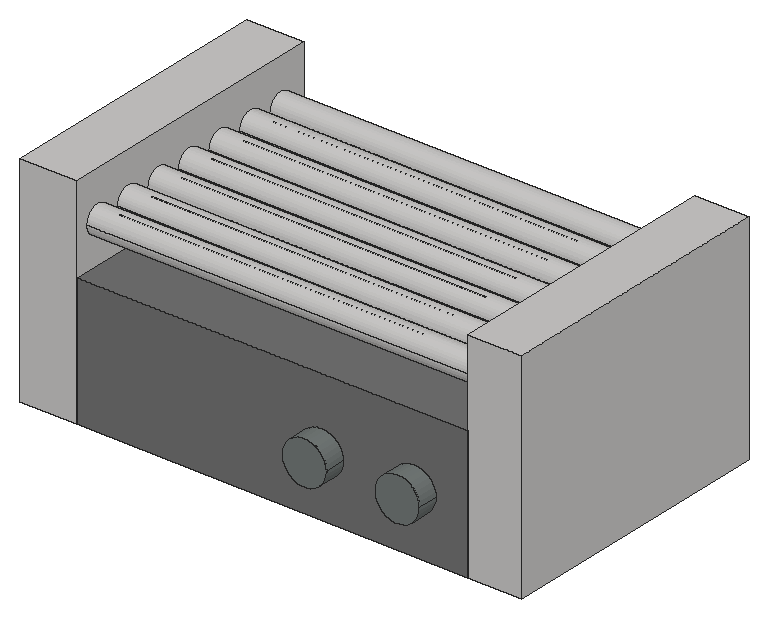
Revit family "QF_Vollrath_40821", category Specialty Equipment, Revit 2016
Family settings
  Part Type = Normal
  Round Connector Dimension = Use Diameter
  OmniClass Number = 23.40.40.14.17.21
  OmniClass Title = Grills
  Work Plane-Based = No
  Always vertical = Yes
  Cut with Voids When Loaded = No
  Shared = No
  Room Calculation Point = No
Parameters (values of type "HDR5007")
  Width = 15.80078"
  Weight in Pounds = 33
  Watts = 9500 W
  Watermarked By = "http://revitwatermark.com"
  Volts = 110 V
  URL Cutsheet = ""
  URL = "www.vollrathco.com"
  Status [instance] = ""
  Specification by User [instance] = ""
  Specification by Manufacturer = ""
  Serial Number [instance] = ""
  Seismic Rating [instance] = ""
  SMACNA No [instance] = ""
  Revision Code [instance] = ""
  Phase = 1
  Number of Poles [instance] = 1
  NAFEM Spec ID Number [instance] = ""
  Model = "HDR5007"
  Masterspec = ""
  Manufacturer = "Vollrath"
  Item Number [instance] = ""
  Installed By [instance] = ""
  Height AFF [instance] = 26.00"
  Furnished By [instance] = ""
  Foodservice Equipment Identifier [instance] = no
  FL Amps = 12 A
  Electrical Remarks [instance] = ""
  Electric Connection Type [instance] = ""
  Elec Conn RI Height [instance] = 0.00"
  Elec Conn Connection Height = 2.00"
  Description = "7 Hot Dog Roller Grill"
  Cycle = 60 Hz
  Conn Plug = "NEMA 5-15P"
  CSI MasterFormat = "11 42 13"
  Assembly Code = "E1090320"
  Apparent Power = if(Phase = 3, Volts * FL Amps * 1.73, Volts * FL Amps)  # 1320 VA
Reference planes (in)
  plane 1: z = 0
  plane 2 "LEFT": x = 48
  plane 3 "BACK": y = -48
  plane 4 "BOTTOM": z = 26
  plane 5 "RIGHT": x = 71
  plane 6 "FRONT": y = -61
  plane 7: z = 26.5796
  plane 8 "TOP": z = 36
  plane 9: x = 50.59367
  plane 10: x = 68.54957
  plane 11: z = 32.0353
  plane 12: z = 28.25
Forms (in)
  Extrusion 1, solid, material "QF_Finishes_Stainless Steel", not visible
    sketch origin (0, -75.61667, 13.94238) x (-1, 0, 0) y (0, 0.422618, 0.906308)
      loop
        line (-61.50401, 16.83949) -> (-49.55058, 16.83949) -> (-49.55058, 21.54291) -> (-61.50401, 21.54291) -> (-61.50401, 16.83949)
      loop
        circle (-51.11798, 19.07879) r 1.25
      loop
        circle (-51.11798, 19.07879) r 1
      loop
        line (-54.03077, 21.06689) -> (-57.03077, 21.06689) -> (-57.03077, 20.31689) -> (-54.03077, 20.31689) -> (-54.03077, 21.06689)
      loop
        circle (-54.03077, 17.5068) r 0.25
      loop
        circle (-56.78077, 17.5068) r 0.25
    from 0 to 0.68909
  Extrusion 2, solid, material "QF_Finishes_Black", not visible
    sketch origin (0, -75.54289, 2.05167) x (-1, 0, 0) y (0, 0.422618, 0.906308)
      loop
        circle (-51.11798, 29.82425) r 1.25
      loop
        circle (-51.11798, 29.82425) r 1
    from -5.0921 to -4.40301
  Extrusion 3, solid, material "QF_Finishes_Black", not visible
    sketch origin (0, -75.78725, 14.03463) x (-1, 0, 0) y (0, 0.406737, 0.913545)
      loop
        line (-57.03077, 21.03676) -> (-57.03077, 20.35703) -> (-54.03077, 20.35703) -> (-54.03077, 21.03676) -> (-57.03077, 21.03676)
      loop
        circle (-54.03077, 17.5068) r 0.25
      loop
        circle (-56.78077, 17.5068) r 0.25
    from 0.54411 to 1.25
  Extrusion 4, solid, material "QF_Finishes_Dark Grey", not visible
    sketch origin (0, -70.09177, 5.66795) x (-1, 0, 0) y (0, 0.422618, 0.906308)
      loop
        circle (-52.11896, 26.29929) r 0.25
      loop
        circle (-53.36896, 26.29929) r 0.25
      loop
        circle (-54.61896, 26.29929) r 0.25
      loop
        circle (-55.86896, 26.29929) r 0.25
      loop
        circle (-57.11896, 26.29929) r 0.25
      loop
        circle (-58.36896, 26.29929) r 0.25
    from 7.45399 to 7.92109
  Extrusion 5, solid, material "QF_Finishes_Stainless Steel", not visible
    sketch origin (0, -61.5, 0) x (-1, 0, 0) y (0, 0, 1)
      loop
        circle (-49.14244, 32.63817) r 0.1236
    from 0 to 12
  Extrusion 6, solid, material "QF_Finishes_Stainless Steel", not visible
    sketch origin (24.25, -61.5, 0) x (-1, 0, 0) y (0, 0, 1)
      loop
        circle (-49.14244, 32.63817) r 0.1236
    from 0 to 12
  Extrusion 7, solid, material "QF_Finishes_Stainless Steel", not visible
    sketch origin (0.75781, -61.5, 0) x (-1, 0, 0) y (0, 0, 1)
      loop
        circle (-49.14244, 32.63817) r 0.1236
    from 0 to 12
  Extrusion 8, solid, material "QF_Finishes_Stainless Steel", not visible
    sketch origin (1.51562, -61.5, 0) x (-1, 0, 0) y (0, 0, 1)
      loop
        circle (-49.14244, 32.63817) r 0.1236
    from 0 to 12
  Extrusion 9, solid, material "QF_Finishes_Stainless Steel", not visible
    sketch origin (2.27344, -61.5, 0) x (-1, 0, 0) y (0, 0, 1)
      loop
        circle (-49.14244, 32.63817) r 0.1236
    from 0 to 12
  Extrusion 10, solid, material "QF_Finishes_Stainless Steel", not visible
    sketch origin (3.03125, -61.5, 0) x (-1, 0, 0) y (0, 0, 1)
      loop
        circle (-49.14244, 32.63817) r 0.1236
    from 0 to 12
  Extrusion 11, solid, material "QF_Finishes_Stainless Steel", not visible
    sketch origin (3.78906, -61.5, 0) x (-1, 0, 0) y (0, 0, 1)
      loop
        circle (-49.14244, 32.63817) r 0.1236
    from 0 to 12
  Extrusion 12, solid, material "QF_Finishes_Stainless Steel", not visible
    sketch origin (4.54687, -61.5, 0) x (-1, 0, 0) y (0, 0, 1)
      loop
        circle (-49.14244, 32.63817) r 0.1236
    from 0 to 12
  Extrusion 13, solid, material "QF_Finishes_Stainless Steel", not visible
    sketch origin (5.30469, -61.5, 0) x (-1, 0, 0) y (0, 0, 1)
      loop
        circle (-49.14244, 32.63817) r 0.1236
    from 0 to 12
  Extrusion 14, solid, material "QF_Finishes_Stainless Steel", not visible
    sketch origin (6.0625, -61.5, 0) x (-1, 0, 0) y (0, 0, 1)
      loop
        circle (-49.14244, 32.63817) r 0.1236
    from 0 to 12
  Extrusion 15, solid, material "QF_Finishes_Stainless Steel", not visible
    sketch origin (6.82031, -61.5, 0) x (-1, 0, 0) y (0, 0, 1)
      loop
        circle (-49.14244, 32.63817) r 0.1236
    from 0 to 12
  Extrusion 16, solid, material "QF_Finishes_Stainless Steel", not visible
    sketch origin (7.57812, -61.5, 0) x (-1, 0, 0) y (0, 0, 1)
      loop
        circle (-49.14244, 32.63817) r 0.1236
    from 0 to 12
  Extrusion 17, solid, material "QF_Finishes_Stainless Steel", not visible
    sketch origin (8.33594, -61.5, 0) x (-1, 0, 0) y (0, 0, 1)
      loop
        circle (-49.14244, 32.63817) r 0.1236
    from 0 to 12
  Extrusion 18, solid, material "QF_Finishes_Stainless Steel", not visible
    sketch origin (9.09375, -61.5, 0) x (-1, 0, 0) y (0, 0, 1)
      loop
        circle (-49.14244, 32.63817) r 0.1236
    from 0 to 12
  Extrusion 19, solid, material "QF_Finishes_Stainless Steel", not visible
    sketch origin (9.85156, -61.5, 0) x (-1, 0, 0) y (0, 0, 1)
      loop
        circle (-49.14244, 32.63817) r 0.1236
    from 0 to 12
  Extrusion 20, solid, material "QF_Finishes_Stainless Steel", not visible
    sketch origin (10.60937, -61.5, 0) x (-1, 0, 0) y (0, 0, 1)
      loop
        circle (-49.14244, 32.63817) r 0.1236
    from 0 to 12
  Extrusion 21, solid, material "QF_Finishes_Stainless Steel", not visible
    sketch origin (11.36719, -61.5, 0) x (-1, 0, 0) y (0, 0, 1)
      loop
        circle (-49.14244, 32.63817) r 0.1236
    from 0 to 12
  Extrusion 22, solid, material "QF_Finishes_Stainless Steel", not visible
    sketch origin (12.125, -61.5, 0) x (-1, 0, 0) y (0, 0, 1)
      loop
        circle (-49.14244, 32.63817) r 0.1236
    from 0 to 12
  Extrusion 23, solid, material "QF_Finishes_Stainless Steel", not visible
    sketch origin (12.88281, -61.5, 0) x (-1, 0, 0) y (0, 0, 1)
      loop
        circle (-49.14244, 32.63817) r 0.1236
    from 0 to 12
  Extrusion 24, solid, material "QF_Finishes_Stainless Steel", not visible
    sketch origin (13.64062, -61.5, 0) x (-1, 0, 0) y (0, 0, 1)
      loop
        circle (-49.14244, 32.63817) r 0.1236
    from 0 to 12
  Extrusion 25, solid, material "QF_Finishes_Stainless Steel", not visible
    sketch origin (14.39844, -61.5, 0) x (-1, 0, 0) y (0, 0, 1)
      loop
        circle (-49.14244, 32.63817) r 0.1236
    from 0 to 12
  Extrusion 26, solid, material "QF_Finishes_Stainless Steel", not visible
    sketch origin (15.15625, -61.5, 0) x (-1, 0, 0) y (0, 0, 1)
      loop
        circle (-49.14244, 32.63817) r 0.1236
    from 0 to 12
  Extrusion 27, solid, material "QF_Finishes_Stainless Steel", not visible
    sketch origin (15.91406, -61.5, 0) x (-1, 0, 0) y (0, 0, 1)
      loop
        circle (-49.14244, 32.63817) r 0.1236
    from 0 to 12
  Extrusion 28, solid, material "QF_Finishes_Stainless Steel", not visible
    sketch origin (16.67187, -61.5, 0) x (-1, 0, 0) y (0, 0, 1)
      loop
        circle (-49.14244, 32.63817) r 0.1236
    from 0 to 12
  Extrusion 29, solid, material "QF_Finishes_Stainless Steel", not visible
    sketch origin (17.42969, -61.5, 0) x (-1, 0, 0) y (0, 0, 1)
      loop
        circle (-49.14244, 32.63817) r 0.1236
    from 0 to 12
  Extrusion 30, solid, material "QF_Finishes_Stainless Steel", not visible
    sketch origin (18.1875, -61.5, 0) x (-1, 0, 0) y (0, 0, 1)
      loop
        circle (-49.14244, 32.63817) r 0.1236
    from 0 to 12
  Extrusion 31, solid, material "QF_Finishes_Stainless Steel", not visible
    sketch origin (18.94531, -61.5, 0) x (-1, 0, 0) y (0, 0, 1)
      loop
        circle (-49.14244, 32.63817) r 0.1236
    from 0 to 12
  Extrusion 32, solid, material "QF_Finishes_Stainless Steel", not visible
    sketch origin (19.70312, -61.5, 0) x (-1, 0, 0) y (0, 0, 1)
      loop
        circle (-49.14244, 32.63817) r 0.1236
    from 0 to 12
  Extrusion 33, solid, material "QF_Finishes_Stainless Steel", not visible
    sketch origin (20.46094, -61.5, 0) x (-1, 0, 0) y (0, 0, 1)
      loop
        circle (-49.14244, 32.63817) r 0.1236
    from 0 to 12
  Extrusion 34, solid, material "QF_Finishes_Stainless Steel", not visible
    sketch origin (21.21875, -61.5, 0) x (-1, 0, 0) y (0, 0, 1)
      loop
        circle (-49.14244, 32.63817) r 0.1236
    from 0 to 12
  Extrusion 35, solid, material "QF_Finishes_Stainless Steel", not visible
    sketch origin (21.97656, -61.5, 0) x (-1, 0, 0) y (0, 0, 1)
      loop
        circle (-49.14244, 32.63817) r 0.1236
    from 0 to 12
  Extrusion 36, solid, material "QF_Finishes_Stainless Steel", not visible
    sketch origin (22.73437, -61.5, 0) x (-1, 0, 0) y (0, 0, 1)
      loop
        circle (-49.14244, 32.63817) r 0.1236
    from 0 to 12
  Extrusion 37, solid, material "QF_Finishes_Stainless Steel", not visible
    sketch origin (23.49219, -61.5, 0) x (-1, 0, 0) y (0, 0, 1)
      loop
        circle (-49.14244, 32.63817) r 0.1236
    from 0 to 12
  Extrusion 38, void, not visible
    sketch origin (0, -48, 0) x (1, 0, 0) y (0, 0, 1)
      loop
        line (48.98039, 38.95479) -> (48.98039, 37.45479) -> (49.23039, 37.45479) -> (49.23039, 38.95479) -> (48.98039, 38.95479)
      loop
        line (49.48039, 38.95479) -> (49.48039, 37.45479) -> (49.73039, 37.45479) -> (49.73039, 38.95479) -> (49.48039, 38.95479)
      loop
        line (49.98039, 38.95479) -> (49.98039, 37.45479) -> (50.23039, 37.45479) -> (50.23039, 38.95479) -> (49.98039, 38.95479)
      loop
        line (50.48039, 38.95479) -> (50.48039, 37.45479) -> (50.73039, 37.45479) -> (50.73039, 38.95479) -> (50.48039, 38.95479)
      loop
        line (50.98039, 38.95479) -> (50.98039, 37.45479) -> (51.23039, 37.45479) -> (51.23039, 38.95479) -> (50.98039, 38.95479)
      loop
        line (51.48039, 38.95479) -> (51.48039, 37.45479) -> (51.73039, 37.45479) -> (51.73039, 38.95479) -> (51.48039, 38.95479)
      loop
        line (51.98039, 38.95479) -> (51.98039, 37.45479) -> (52.23039, 37.45479) -> (52.23039, 38.95479) -> (51.98039, 38.95479)
      loop
        line (52.48039, 38.95479) -> (52.48039, 37.45479) -> (52.73039, 37.45479) -> (52.73039, 38.95479) -> (52.48039, 38.95479)
      loop
        line (52.98039, 38.95479) -> (52.98039, 37.45479) -> (53.23039, 37.45479) -> (53.23039, 38.95479) -> (52.98039, 38.95479)
      loop
        line (53.48039, 38.95479) -> (53.48039, 37.45479) -> (53.73039, 37.45479) -> (53.73039, 38.95479) -> (53.48039, 38.95479)
      loop
        line (53.98039, 38.95479) -> (53.98039, 37.45479) -> (54.23039, 37.45479) -> (54.23039, 38.95479) -> (53.98039, 38.95479)
      loop
        line (54.48039, 38.95479) -> (54.48039, 37.45479) -> (54.73039, 37.45479) -> (54.73039, 38.95479) -> (54.48039, 38.95479)
      loop
        line (54.98039, 38.95479) -> (54.98039, 37.45479) -> (55.23039, 37.45479) -> (55.23039, 38.95479) -> (54.98039, 38.95479)
      loop
        line (55.48039, 38.95479) -> (55.48039, 37.45479) -> (55.73039, 37.45479) -> (55.73039, 38.95479) -> (55.48039, 38.95479)
      loop
        line (55.98039, 38.95479) -> (55.98039, 37.45479) -> (56.23039, 37.45479) -> (56.23039, 38.95479) -> (55.98039, 38.95479)
      loop
        line (65.98039, 38.95479) -> (65.98039, 37.45479) -> (66.23039, 37.45479) -> (66.23039, 38.95479) -> (65.98039, 38.95479)
      loop
        line (66.48039, 38.95479) -> (66.48039, 37.45479) -> (66.73039, 37.45479) -> (66.73039, 38.95479) -> (66.48039, 38.95479)
      loop
        line (66.98039, 38.95479) -> (66.98039, 37.45479) -> (67.23039, 37.45479) -> (67.23039, 38.95479) -> (66.98039, 38.95479)
      loop
        line (67.48039, 38.95479) -> (67.48039, 37.45479) -> (67.73039, 37.45479) -> (67.73039, 38.95479) -> (67.48039, 38.95479)
      loop
        line (67.98039, 38.95479) -> (67.98039, 37.45479) -> (68.23039, 37.45479) -> (68.23039, 38.95479) -> (67.98039, 38.95479)
      loop
        line (68.48039, 38.95479) -> (68.48039, 37.45479) -> (68.73039, 37.45479) -> (68.73039, 38.95479) -> (68.48039, 38.95479)
      loop
        line (68.98039, 38.95479) -> (68.98039, 37.45479) -> (69.23039, 37.45479) -> (69.23039, 38.95479) -> (68.98039, 38.95479)
      loop
        line (69.48039, 38.95479) -> (69.48039, 37.45479) -> (69.73039, 37.45479) -> (69.73039, 38.95479) -> (69.48039, 38.95479)
      loop
        line (69.98039, 38.95479) -> (69.98039, 37.45479) -> (70.23039, 37.45479) -> (70.23039, 38.95479) -> (69.98039, 38.95479)
      loop
        line (70.48039, 38.95479) -> (70.48039, 37.45479) -> (70.73039, 37.45479) -> (70.73039, 38.95479) -> (70.48039, 38.95479)
      loop
        line (70.98039, 38.95479) -> (70.98039, 37.45479) -> (71.23039, 37.45479) -> (71.23039, 38.95479) -> (70.98039, 38.95479)
      loop
        line (71.48039, 38.95479) -> (71.48039, 37.45479) -> (71.73039, 37.45479) -> (71.73039, 38.95479) -> (71.48039, 38.95479)
      loop
        line (71.98039, 38.95479) -> (71.98039, 37.45479) -> (72.23039, 37.45479) -> (72.23039, 38.95479) -> (71.98039, 38.95479)
      loop
        line (72.48039, 38.95479) -> (72.48039, 37.45479) -> (72.73039, 37.45479) -> (72.73039, 38.95479) -> (72.48039, 38.95479)
      loop
        line (72.98039, 38.95479) -> (72.98039, 37.45479) -> (73.23039, 37.45479) -> (73.23039, 38.95479) -> (72.98039, 38.95479)
    from 13.25 to 13.5
  Extrusion 39, solid, material "QF_Finishes_Stainless Steel"
    sketch origin (0, -48, 0) x (1, 0, 0) y (0, 0, 1)
      loop
        line (48, 36) -> (48, 26) -> (50.59367, 26) -> (50.59367, 36) -> (48, 36)
    from 0 to 13
  Extrusion 40, solid, material "QF_Finishes_Stainless Steel"
    sketch origin (20.40633, -48, 0) x (1, 0, 0) y (0, 0, 1)
      loop
        line (48.14323, 36) -> (48.14323, 26) -> (50.59367, 26) -> (50.59367, 36) -> (48.14323, 36)
    from 0 to 13
  Extrusion 41, solid, material "QF_Finishes_Dark Grey"
    sketch origin (0, -48, 0) x (1, 0, 0) y (0, 0, 1)
      loop
        line (50.59367, 32.0353) -> (50.59367, 26) -> (68.54957, 26) -> (68.54957, 32.0353) -> (50.59367, 32.0353)
    from 0 to 13
  Extrusion 42, solid, material "QF_Finishes_Stainless Steel"
    sketch origin (71, 3.75, 0) x (0, 1, 0) y (0, 0, 1)
      loop
        circle (-60.08911, 33.96491) r 0.625
    from -20.40633 to -2.45043
  Extrusion 43, solid, material "QF_Finishes_Black"
    sketch origin (0, -47.5, 0) x (1, 0, 0) y (0, 0, 1)
      loop
        circle (61.81249, 28.77869) r 1
      loop
        circle (66.06249, 28.77869) r 1
    from 13.5 to 14.46369
  Extrusion 44, solid, material "QF_Finishes_Stainless Steel"
    sketch origin (71, 10.75, 0) x (0, 1, 0) y (0, 0, 1)
      loop
        circle (-60.08911, 33.96491) r 0.625
    from -20.40633 to -2.45043
  Extrusion 45, solid, material "QF_Finishes_Stainless Steel"
    sketch origin (71, 5.5, 0) x (0, 1, 0) y (0, 0, 1)
      loop
        circle (-60.08911, 33.96491) r 0.625
    from -20.40633 to -2.45043
  Extrusion 46, solid, material "QF_Finishes_Stainless Steel"
    sketch origin (71, 7.25, 0) x (0, 1, 0) y (0, 0, 1)
      loop
        circle (-60.08911, 33.96491) r 0.625
    from -20.40633 to -2.45043
  Extrusion 47, solid, material "QF_Finishes_Stainless Steel"
    sketch origin (71, 9, 0) x (0, 1, 0) y (0, 0, 1)
      loop
        circle (-60.08911, 33.96491) r 0.625
    from -20.40633 to -2.45043
  Extrusion 48, solid, material "QF_Finishes_Stainless Steel"
    sketch origin (71, 2, 0) x (0, 1, 0) y (0, 0, 1)
      loop
        circle (-60.08911, 33.96491) r 0.625
    from -20.40633 to -2.45043
  Extrusion 49, solid, material "QF_Finishes_Stainless Steel"
    sketch origin (71, 0.25, 0) x (0, 1, 0) y (0, 0, 1)
      loop
        circle (-60.08911, 33.96491) r 0.625
    from -20.40633 to -2.45043
  Extrusion 50, solid, material "QF_Finishes_Stainless Steel"
    sketch origin (0, -48, 0) x (1, 0, 0) y (0, 0, 1)
      loop
        circle (68.54957, 28.25) r 0.5
    from 0 to -0.26218
Lines and regions (in)
  symbolic lines
    curve 1: line (48, -48, 0) -> (48, -61, 0)
    curve 2: line (50.59367, -48, 0) -> (48, -48, 0)
    curve 3: line (68.54957, -48, 0) -> (50.59367, -48, 0)
    curve 4: line (71, -48, 0) -> (68.54957, -48, 0)
    curve 5: line (71, -61, 0) -> (71, -48, 0)
    curve 6: line (68.54957, -48, 0) -> (68.54957, -61, 0)
    curve 7: line (68.54957, -61, 0) -> (71, -61, 0)
    curve 8: line (50.59367, -61, 0) -> (68.54957, -61, 0)
    curve 9: line (50.59367, -61, 0) -> (50.59367, -48, 0)
    curve 10: line (48, -61, 0) -> (50.59367, -61, 0)
    curve 11: line (50.59367, -48.75, 0) -> (68.54957, -48.75, 0)
    curve 12: line (50.59367, -52.96411, 0) -> (68.54957, -52.96411, 0)
    curve 13: line (50.59367, -53.46411, 0) -> (68.54957, -53.46411, 0)
    curve 14: line (50.59367, -54.61541, 0) -> (68.54957, -54.61541, 0)
    curve 15: line (50.59367, -55.21411, 0) -> (68.54957, -55.21411, 0)
    curve 16: line (50.59367, -56.46411, 0) -> (68.54957, -56.46411, 0)
    curve 17: line (50.59367, -56.96411, 0) -> (68.54957, -56.96411, 0)
    curve 18: line (50.59367, -58.13125, 0) -> (68.54957, -58.13125, 0)
    curve 19: line (50.59367, -58.71411, 0) -> (68.54957, -58.71411, 0)
    curve 20: line (50.59367, -59.96411, 0) -> (68.54957, -59.96411, 0)
    curve 21: line (50.59367, -52.21411, 0) -> (68.54957, -52.21411, 0)
    curve 22: line (50.59367, -51.71411, 0) -> (68.54957, -51.71411, 0)
    curve 23: line (50.59367, -50.38337, 0) -> (68.54957, -50.38337, 0)
    curve 24: line (50.59367, -49.88337, 0) -> (68.54957, -49.88337, 0)
Dimensions and locks (in)
  "Height AFF": plane 4 "BOTTOM" to level
  plane 6 "FRONT" to plane 3 "BACK" = 13.00"
  plane 2 "LEFT" to plane 5 "RIGHT" = 23.00"
  plane 8 "TOP" to plane 4 "BOTTOM" = 10.00"
  locked: plane 11 to plane 4 "BOTTOM" at 6.0353
  locked: Extrusion 42 to plane 4 "BOTTOM" at 7.96491
  equal spacing: group 5, group 7, group 8, group 9, group 6  (x3)
  locked: Extrusion 45 to plane 4 "BOTTOM" at 7.96491
  locked: Extrusion 46 to plane 4 "BOTTOM" at 7.96491
  locked: Extrusion 48 to plane 4 "BOTTOM" at 7.96491
  Extrusion 49 to plane 4 "BOTTOM" = 7.96491"
  locked: Extrusion 49 to plane 4 "BOTTOM" at 7.96491
  locked: plane 4 "BOTTOM" to Extrusion 50 sketch curve at 2.25
  locked: Extrusion 43 sketch curve to plane 4 "BOTTOM" at 2.77869  (x2)
  aligned and locked: level to plane 1
  aligned and locked: Extrusion 2 sketch curve to Extrusion 1  (x4)
  aligned and locked: Extrusion 39 sketch curve to plane 8 "TOP"
  aligned and locked: plane 2 "LEFT" to Extrusion 39 sketch curve
  aligned and locked: plane 4 "BOTTOM" to Extrusion 39 sketch curve
  aligned and locked: plane 9 to Extrusion 39 sketch curve
  aligned and locked: Extrusion 40 to plane 10
  aligned and locked: plane 8 "TOP" to Extrusion 40
  aligned and locked: plane 5 "RIGHT" to Extrusion 40
  aligned and locked: Extrusion 40 to plane 4 "BOTTOM"
  aligned and locked: Extrusion 41 sketch curve to plane 9
  aligned and locked: Extrusion 41 sketch curve to Extrusion 40
  aligned and locked: Extrusion 40 to Extrusion 41 sketch curve
  aligned and locked: plane 9 to Extrusion 42
  aligned and locked: plane 10 to Extrusion 42
Automatic sketch dimensions
  Extrusion 1 sketch curve to Extrusion 1 sketch curve = 0.00"  (x5)
  Extrusion 1 sketch curve to Extrusion 1 sketch curve = 4.47324"
  Extrusion 1 sketch curve to Extrusion 1 sketch curve = 0.25"
  Extrusion 1 sketch curve to Extrusion 1 sketch curve = 3.00"
  Extrusion 1 sketch curve to Extrusion 1 sketch curve = 2.75"
  Extrusion 1 sketch curve to Extrusion 1 sketch curve = 1.56739"
  Extrusion 1 sketch curve to Extrusion 1 sketch curve = 0.66732"
  Extrusion 1 sketch curve to Extrusion 1 sketch curve = 2.2393"
  Extrusion 1 sketch curve to Extrusion 1 sketch curve = 2.81008"
  Extrusion 1 sketch curve to Extrusion 1 sketch curve = 0.75"
  Extrusion 3 sketch curve to Extrusion 3 sketch curve = 3.00"
  Extrusion 1 sketch curve to Extrusion 1 sketch curve = 2.46412"
  Extrusion 3 sketch curve to Extrusion 3 sketch curve = 0.00"  (x6)
  Extrusion 3 sketch curve to Extrusion 3 sketch curve = 0.25"  (x2)
  Extrusion 3 sketch curve to Extrusion 3 sketch curve = 2.25"
  Extrusion 3 sketch curve to Extrusion 3 sketch curve = 2.85023"
  Extrusion 3 sketch curve to Extrusion 3 sketch curve = 0.67973"
  Extrusion 1 sketch curve to Extrusion 1 sketch curve = 2.9128"
  Extrusion 4 sketch curve to Extrusion 4 sketch curve = 1.25"  (x5)
  Extrusion 4 sketch curve to Extrusion 4 sketch curve = 0.00"  (x5)
  Extrusion 38 sketch curve to Extrusion 38 sketch curve = 0.25"  (x58)
  Extrusion 38 sketch curve to Extrusion 38 sketch curve = 0.00"  (x57)
  Extrusion 38 sketch curve to Extrusion 38 sketch curve = 9.75"
  Extrusion 38 sketch curve to Extrusion 38 sketch curve = 1.50"  (x2)
  curve 1 to plane 2 "LEFT" = 0.00"
  curve 24 to plane 9 = 0.00"
  curve 12 to plane 10 = 0.00"
  plane 3 "BACK" to curve 5 = 0.00"
  curve 5 to plane 5 "RIGHT" = 0.00"
  curve 10 to plane 6 "FRONT" = 0.00"
  curve 6 to curve 20 = 1.03589"
  curve 20 to curve 19 = 1.25"
  curve 19 to curve 18 = 0.58285"
  curve 18 to curve 17 = 1.16715"
  curve 17 to curve 16 = 0.50"
  curve 16 to curve 15 = 1.25"
  curve 15 to curve 14 = 0.59869"
  curve 14 to curve 13 = 1.15131"
  curve 13 to curve 12 = 0.50"
  curve 12 to curve 21 = 0.75"
  curve 21 to curve 22 = 0.50"
  curve 22 to curve 23 = 1.33073"
  curve 23 to curve 24 = 0.50"
  plane 3 "BACK" to curve 11 = 0.75"
  Extrusion 40 sketch curve to plane 4 "BOTTOM" = 0.00"
  plane 10 to Extrusion 40 sketch curve = 0.00"
  Extrusion 40 sketch curve to plane 5 "RIGHT" = 0.00"
  Extrusion 40 sketch curve to plane 8 "TOP" = 0.00"
  Extrusion 41 sketch curve to plane 11 = 0.00"
  Extrusion 43 sketch curve to plane 10 = 6.73708"
  Extrusion 43 sketch curve to plane 10 = 2.48708"
  Extrusion 50 sketch curve to plane 10 = 0.00"
  radius of Extrusion 1 sketch curve = 1.25"
  radius of Extrusion 1 sketch curve = 1.00"
  radius of Extrusion 1 sketch curve = 0.25"  (x2)
  radius of Extrusion 4 sketch curve = 0.25"  (x6)
  radius of Extrusion 5 sketch curve = 0.1236"
  radius of Extrusion 6 sketch curve = 0.1236"
  radius of Extrusion 7 sketch curve = 0.1236"
  radius of Extrusion 8 sketch curve = 0.1236"
  radius of Extrusion 9 sketch curve = 0.1236"
  radius of Extrusion 10 sketch curve = 0.1236"
  radius of Extrusion 11 sketch curve = 0.1236"
  radius of Extrusion 12 sketch curve = 0.1236"
  radius of Extrusion 13 sketch curve = 0.1236"
  radius of Extrusion 14 sketch curve = 0.1236"
  radius of Extrusion 15 sketch curve = 0.1236"
  radius of Extrusion 16 sketch curve = 0.1236"
  radius of Extrusion 17 sketch curve = 0.1236"
  radius of Extrusion 18 sketch curve = 0.1236"
  radius of Extrusion 19 sketch curve = 0.1236"
  radius of Extrusion 20 sketch curve = 0.1236"
  radius of Extrusion 21 sketch curve = 0.1236"
  radius of Extrusion 22 sketch curve = 0.1236"
  radius of Extrusion 23 sketch curve = 0.1236"
  radius of Extrusion 24 sketch curve = 0.1236"
  radius of Extrusion 25 sketch curve = 0.1236"
  radius of Extrusion 26 sketch curve = 0.1236"
  radius of Extrusion 27 sketch curve = 0.1236"
  radius of Extrusion 28 sketch curve = 0.1236"
  radius of Extrusion 29 sketch curve = 0.1236"
  radius of Extrusion 30 sketch curve = 0.1236"
  radius of Extrusion 31 sketch curve = 0.1236"
  radius of Extrusion 32 sketch curve = 0.1236"
  radius of Extrusion 33 sketch curve = 0.1236"
  radius of Extrusion 34 sketch curve = 0.1236"
  radius of Extrusion 35 sketch curve = 0.1236"
  radius of Extrusion 36 sketch curve = 0.1236"
  radius of Extrusion 37 sketch curve = 0.1236"
  radius of Extrusion 42 sketch curve = 0.625"
  radius of Extrusion 44 sketch curve = 0.625"
  radius of Extrusion 45 sketch curve = 0.625"
  radius of Extrusion 46 sketch curve = 0.625"
  radius of Extrusion 47 sketch curve = 0.625"
  radius of Extrusion 48 sketch curve = 0.625"
  radius of Extrusion 49 sketch curve = 0.625"
  radius of Extrusion 43 sketch curve = 1.00"  (x2)
  radius of Extrusion 50 sketch curve = 0.50"
Connectors (in)
  electrical at (68.54957, -47.73782, 28.25), driven by "Number of Poles", driven by "Volts", driven by "Apparent Power"
    settings: on Extrusion 50, index 1, voltage 110 V, apparent load 1320 VA, apparent load phase1 0 VA, apparent load phase2 0 VA, apparent load phase3 0 VA, power factor 1, load classification "Other", number of poles 1, system type 30, power factor state 1, is connector primary yes, connector utility no, sub classification motor no, connector description "Electric Connection"
